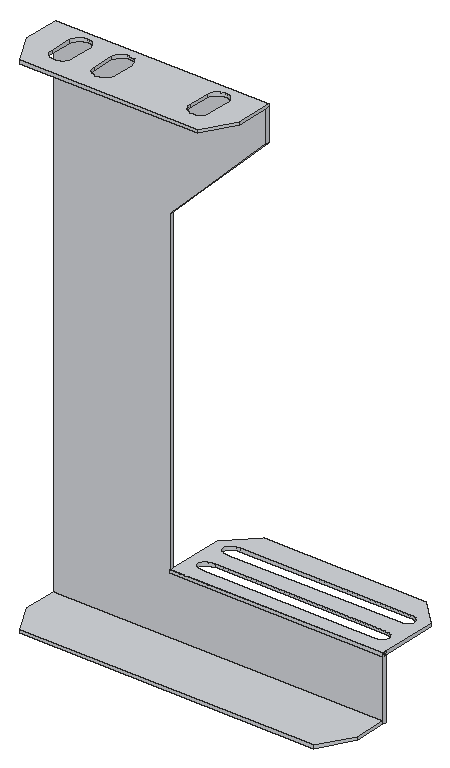
Revit family "TTH100", category Generic Models, Revit 2017
Family settings
  Can host rebar = No
  Round Connector Dimension = Use Diameter
  Part Type = Normal
  Work Plane-Based = Yes
  Always vertical = No
  Cut with Voids When Loaded = No
  Shared = No
  Room Calculation Point = No
Parameters (values of type "NBS Standard Parameters")
  Weight = "0.30Kg"
  WarrantyStartDate [instance] = "1900-12-31T23:59:59"
  WarrantyGuarantorParts = "n/a"
  WarrantyGuarantorLabor = "n/a"
  WarrantyDurationUnit = "1 year"
  WarrantyDurationParts = "n/a"
  WarrantyDurationLabor = "n/a"
  WarrantyDescription = "n/a"
  Version = "1"
  Uniclass2 = "PR_65_70_11_18"
  TagNumber [instance] = "n/a"
  SustainabilityPerformance = "n/a"
  Size = "100"
  Shape = ""
  SerialNumber [instance] = "n/a"
  Revision = "n/a"
  ReplacementCost = "n/a"
  ProductInformation = "www.metpro.co.uk/pdf/tth100.pdf"
  NominalWidth = 64 mm
  NominalLength = 155 mm
  NominalHeight = 240 mm
  Name = ""
  NBSTypeID = ""
  NBSReference = "90-55-10/410"
  NBSOfficeMasterTag = ""
  NBSNote = ""
  NBSDescription = "Cable Trunking"
  NBSCertification = ""
  ModelReference = "TTH100"
  ModelNumber = "n/a"
  Material = "Pre Galvanised Material"
  ManufacturerURL = "www.metpro.co.uk"
  ManufacturerName = "Metpro Ltd"
  Keynote = "Compliant to LU Standard 1-085"
  InstallationDate [instance] = "1900-12-31T23:59:59"
  IfcExportType = ""
  IfcExportAs = ""
  Grade = "n/a"
  Finish = "Pre Galvanised"
  Features = "n/a"
  ExpectedLife = "n/a"
  DurationUnit = "year"
  Description = "TTH100 - 100mm Tray Hanger"
  Default Elevation = 1219.2 mm
  Constituents = "n/a"
  Color = "n/a"
  CodePerformance = "n/a"
  Category = "n/a"
  BarCode [instance] = "n/a"
  BIMObjectName = "metpro_metprolibrary_cabletrunking_supportsystem_hangingbracket"
  Author = "Metpro Ltd"
  AssetType = ""
  AssetIdentifier [instance] = "n/a"
  AccessibilityPerformance = "n/a"
Reference planes
  plane 1 "Center (Front/Back)": y = 0
  plane 2: z = 0
  plane 3 "Center (Left/Right)": x = 0
Forms (mm)
  Extrusion 1, solid
    sketch origin (0, -27.618, 22.127) x (1, 0, 0) y (0, 0, 1)
      loop
        line (-19.975, 93.727) -> (-19.975, -146.273) -> (135.025, -146.273) -> (135.025, -116.273) -> (35.025, -116.273) -> (35.025, 33.727) -> (80.025, 78.727) -> (80.025, 93.727) -> (-19.975, 93.727)
    from 0 to 1.4
  Extrusion 2, solid
    sketch origin (-19.975, -27.618, -124.145) x (0, -1, 0) y (-1, 0, 0)
      loop
        line (1.4, 0) -> (1.4, -155) -> (16.576, -155) -> (31.5, -146.384) -> (31.5, -8.333) -> (17.067, 0) -> (1.4, 0)
    from -1.4 to 0
  Extrusion 3, solid
    sketch origin (-19.975, -27.618, 115.855) x (1, 0, 0) y (0, 1, 0)
      loop
        line (0, 0) -> (0, -17.067) -> (8.333, -31.5) -> (91.667, -31.5) -> (100, -17.067) -> (100, 0) -> (0, 0)
    from 0 to 1.4
  Extrusion 4, solid
    sketch origin (135.025, -27.618, -94.145) x (-1, 0, 0) y (0, -1, 0)
      loop
        line (100, 1.609) -> (0, 1.609) -> (0, -26.391) -> (12, -38.391) -> (88, -38.391) -> (100, -26.391) -> (100, 1.609)
      loop
        spline (10, -5) -> (8.706, -5.119) -> (7.5, -5.469) -> (6.464, -6.025) -> (5.67, -6.75) -> (5.17, -7.594) -> (5, -8.5) -> (5.17, -9.406) -> (5.67, -10.25) -> (6.464, -10.975) -> (7.5, -11.531) -> (8.706, -11.881) -> (10, -12)
        line (10, -12) -> (90, -12)
        spline (90, -12) -> (91.294, -11.881) -> (92.5, -11.531) -> (93.536, -10.975) -> (94.33, -10.25) -> (94.83, -9.406) -> (95, -8.5) -> (94.83, -7.594) -> (94.33, -6.75) -> (93.536, -6.025) -> (92.5, -5.469) -> (91.294, -5.119) -> (90, -5)
        line (90, -5) -> (10, -5)
      loop
        spline (10, -20) -> (8.706, -20.119) -> (7.5, -20.469) -> (6.464, -21.025) -> (5.67, -21.75) -> (5.17, -22.594) -> (5, -23.5) -> (5.17, -24.406) -> (5.67, -25.25) -> (6.464, -25.975) -> (7.5, -26.531) -> (8.706, -26.881) -> (10, -27)
        line (10, -27) -> (90, -27)
        spline (90, -27) -> (91.294, -26.881) -> (92.5, -26.531) -> (93.536, -25.975) -> (94.33, -25.25) -> (94.83, -24.406) -> (95, -23.5) -> (94.83, -22.594) -> (94.33, -21.75) -> (93.536, -21.025) -> (92.5, -20.469) -> (91.294, -20.119) -> (90, -20)
        line (90, -20) -> (10, -20)
    from -1.4 to 0
  Extrusion 5, void
    sketch origin (-19.975, -27.618, 117.255) x (0, 1, 0) y (1, 0, 0)
      loop
        arc (-8.812, 12.957) -> (-3.812, 17.957) -> (-8.812, 22.957) r 5
        line (-8.812, 22.957) -> (-18.812, 22.957)
        arc (-18.812, 22.957) -> (-23.812, 17.957) -> (-18.812, 12.957) r 5
        line (-18.812, 12.957) -> (-8.812, 12.957)
      loop
        arc (-8.812, 32.957) -> (-3.812, 37.957) -> (-8.812, 42.957) r 5
        line (-8.812, 42.957) -> (-18.812, 42.957)
        arc (-18.812, 42.957) -> (-23.812, 37.957) -> (-18.812, 32.957) r 5
        line (-18.812, 32.957) -> (-8.812, 32.957)
      loop
        line (-18.812, 77.957) -> (-8.812, 77.957)
        arc (-8.812, 77.957) -> (-3.812, 82.957) -> (-8.812, 87.957) r 5
        line (-8.812, 87.957) -> (-18.812, 87.957)
        arc (-18.812, 87.957) -> (-23.812, 82.957) -> (-18.812, 77.957) r 5
    from 0 to 1.4
  Extrusion 6, void
    sketch origin (-19.975, -27.618, -122.745) x (0, -1, 0) y (1, 0, 0)
      loop
        arc (8.812, 22.957) -> (3.812, 17.957) -> (8.812, 12.957) r 5
        line (8.812, 12.957) -> (18.812, 12.957)
        arc (18.812, 12.957) -> (23.812, 17.957) -> (18.812, 22.957) r 5
        line (18.812, 22.957) -> (8.812, 22.957)
    from 0 to 1.4
Cuts and joins
  Extrusion 5 cuts Extrusion 3
  Extrusion 6 cuts Extrusion 2
Dimensions and locks
  aligned and locked: level to plane 2
